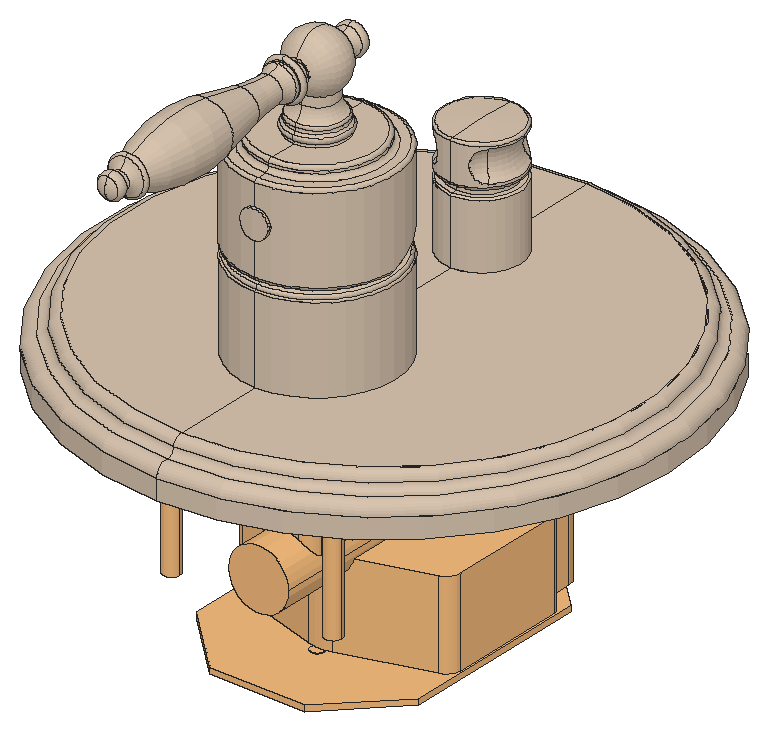
Revit family "Shower-Valve_Trim-KOHLER-MODULO-K-72803T_1", category Plumbing Fixtures, host Face, Revit 2017 (continued)
Definition of nested family "K-72803T"
  Lines and regions (in)
    symbolic lines, detail levels medium+fine
      curve 177: line (0.65193, 0, -0.08047) -> (-0.65193, 0, -0.08047)
      curve 178: line (-0.90626, 0, -0.08047) -> (-1.10546, 0, -0.08047)
      curve 179: line (1.11247, 0, -1.66963) -> (0.90626, 0, -1.66963)
      curve 180: line (0.65193, 0, -1.66963) -> (-0.65193, 0, -1.66963)
      curve 181: line (-0.90626, 0, -1.66963) -> (-1.10546, 0, -1.66963)
      curve 182: line (1.34843, 0, -2.75358) -> (-1.34843, 0, -2.75358)
      curve 183: line (1.11247, 0, -1.66963) -> (1.11247, 0, -1.79824)
      curve 184: line (1.11247, 0, -1.79824) -> (0.90626, 0, -1.79824)
      curve 185: line (0.90626, 0, -1.79824) -> (0.90626, 0, -1.66963)
      curve 186: line (1.11247, 0, -1.79824) -> (1.11247, 0, -2.75358)
      curve 187: line (0.11886, 0, -1.66963) -> (0.11886, 0, -2.75358)
      curve 188: line (-0.556, 0, -1.66963) -> (-0.556, 0, -2.75358)
      curve 189: line (-1.17492, 0, -1.66963) -> (-1.17492, 0, -2.75358)
      curve 190: line (-0.59252, 0, -2.75358) -> (-0.59252, 0, -2.82765)
      curve 191: line (0.59055, 0, -2.75358) -> (0.59055, 0, -2.82765)
      curve 192: line (-1.10546, 0, -1.66963) -> (-1.10546, 0, -1.79824)
      curve 193: line (-1.10546, 0, -1.79824) -> (-0.90626, 0, -1.79824)
      curve 194: line (-0.90626, 0, -1.66963) -> (-0.90626, 0, -1.79824)
      curve 195: line (-0.90626, 0, -1.79824) -> (-0.90626, 0, -2.75358)
      curve 206: circle (0, 1.51575, 0) r 0.48091 normal (0, 0, 1)
      curve 207: line (0.96343, 0, 2.87041) -> (-0.96342, 0, 2.87041)
    symbolic lines, detail levels coarse
      curve 196: line (0, 0, -0.7584) -> (0.34095, 0, -0.56155)
      curve 197: line (0, 0, -0.7584) -> (0.34095, 0, -0.95525)
      curve 198: line (0.34095, 0, -0.56155) -> (0.34095, 0, -0.95525)
      curve 199: line (0, 0, -0.7584) -> (-0.34095, 0, -0.56155)
      curve 200: line (0, 0, -0.7584) -> (-0.34095, 0, -0.95525)
      curve 201: line (-0.34095, 0, -0.56155) -> (-0.34095, 0, -0.95525)
      curve 202: line (0, 0, -0.7584) -> (0, 0, -1.19614)
      curve 203: line (0, 0, -1.19614) -> (0.23932, 0, -1.19614)
      curve 204: line (0, 0, -1.19614) -> (-0.23932, 0, -1.19614)
      curve 205: arc (0.23932, 0, -1.19614) -> (0, 0, -1.31859) -> (-0.23932, 0, -1.19614) r 0.2951
  Dimensions and locks (in)
    locked: plane 8 to level at 0.59055
    plane 11 to plane 2 = 3.8189"
    locked: plane 13 to plane 14 at 3.30709
    locked: plane 15 to plane 13 at 2.55906
    plane 4 to plane 5 = 7.08661"
    aligned and locked: plane 2 to level
Types (5): name | Type | Product Page URL | Model | Finish
  (no name) | 1 | "https://www.kohler.com.cn/product/K-72803T-B4M-CP/K-72803T-4M-AF/" | "K-72803T-4M-AF" | Kohler-Metal-AF-Flange_Gold
  AF-Flange Gold | 1 | "https://www.kohler.com.cn/product/K-72803T-B4M-CP/K-72803T-4M-AF/" | "K-72803T-4M-AF" | Kohler-Metal-AF-Flange_Gold
  BN-Roman Silver | 2 | "https://www.kohler.com.cn/product/K-72803T-B4M-CP/K-72803T-4M-BN/" | "K-72803T-4M-BN" | Kohler-Metal-BN-Roman_Silver
  SN-Champange Gold | 3 | "https://www.kohler.com.cn/product/K-72803T-B4M-CP/K-72803T-4M-SN/" | "K-72803T-4M-SN" | Kohler-Metal-SN-Champagne_Gold
  R2B-Black Yaojin | 4 | "https://www.kohler.com.cn/product/K-72803T-B4M-CP/K-72803T-4M-R2B/" | "K-72803T-4M-R2B" | Kohler-Metal-R2B-Black_Yaojin
